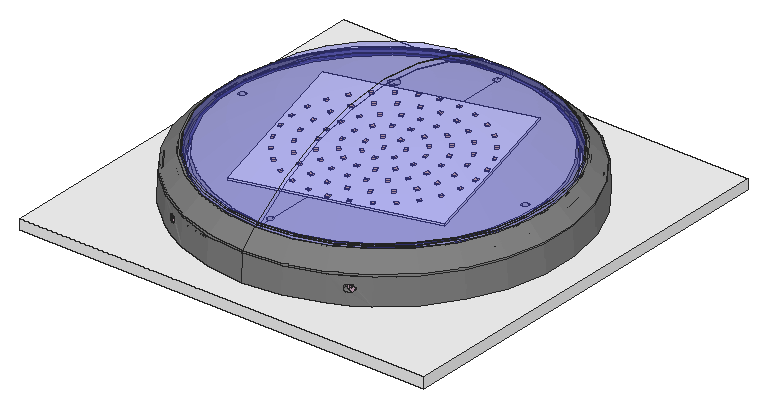
Revit family "BE_24714_de_DE", category Leuchten, Revit 2020 (continued)
Definition of nested family "BE_24714"
  Automatic sketch dimensions
    Extrusion 35 sketch curve to Extrusion 35 sketch curve = 1.003 mm  (x2)
    Extrusion 35 sketch curve to Extrusion 35 sketch curve = 2.614 mm  (x2)
    Extrusion 35 sketch curve to Extrusion 35 sketch curve = 2.987 mm
    Extrusion 35 sketch curve to Extrusion 35 sketch curve = 1.147 mm
    Extrusion 36 sketch curve to Extrusion 36 sketch curve = 1.003 mm  (x2)
    Extrusion 36 sketch curve to Extrusion 36 sketch curve = 2.614 mm  (x2)
    Extrusion 36 sketch curve to Extrusion 36 sketch curve = 2.987 mm
    Extrusion 36 sketch curve to Extrusion 36 sketch curve = 1.147 mm
    Extrusion 37 sketch curve to Extrusion 37 sketch curve = 1.003 mm  (x2)
    Extrusion 37 sketch curve to Extrusion 37 sketch curve = 2.614 mm  (x2)
    Extrusion 37 sketch curve to Extrusion 37 sketch curve = 2.987 mm
    Extrusion 37 sketch curve to Extrusion 37 sketch curve = 1.147 mm
    Extrusion 38 sketch curve to Extrusion 38 sketch curve = 1.003 mm  (x2)
    Extrusion 38 sketch curve to Extrusion 38 sketch curve = 2.614 mm  (x2)
    Extrusion 38 sketch curve to Extrusion 38 sketch curve = 2.987 mm
    Extrusion 38 sketch curve to Extrusion 38 sketch curve = 1.147 mm
    Extrusion 39 sketch curve to Extrusion 39 sketch curve = 1.003 mm  (x2)
    Extrusion 39 sketch curve to Extrusion 39 sketch curve = 2.614 mm  (x2)
    Extrusion 39 sketch curve to Extrusion 39 sketch curve = 2.987 mm
    Extrusion 39 sketch curve to Extrusion 39 sketch curve = 1.147 mm
    Extrusion 40 sketch curve to Extrusion 40 sketch curve = 1.003 mm  (x2)
    Extrusion 40 sketch curve to Extrusion 40 sketch curve = 2.614 mm  (x2)
    Extrusion 40 sketch curve to Extrusion 40 sketch curve = 2.987 mm
    Extrusion 40 sketch curve to Extrusion 40 sketch curve = 1.147 mm
    Extrusion 41 sketch curve to Extrusion 41 sketch curve = 1.003 mm  (x2)
    Extrusion 41 sketch curve to Extrusion 41 sketch curve = 2.614 mm  (x2)
    Extrusion 41 sketch curve to Extrusion 41 sketch curve = 2.987 mm
    Extrusion 41 sketch curve to Extrusion 41 sketch curve = 1.147 mm
    Extrusion 42 sketch curve to Extrusion 42 sketch curve = 1.003 mm  (x2)
    Extrusion 42 sketch curve to Extrusion 42 sketch curve = 2.614 mm  (x2)
    Extrusion 42 sketch curve to Extrusion 42 sketch curve = 2.987 mm
    Extrusion 42 sketch curve to Extrusion 42 sketch curve = 1.147 mm
    Extrusion 43 sketch curve to Extrusion 43 sketch curve = 1.003 mm  (x2)
    Extrusion 43 sketch curve to Extrusion 43 sketch curve = 2.614 mm  (x2)
    Extrusion 43 sketch curve to Extrusion 43 sketch curve = 2.987 mm
    Extrusion 43 sketch curve to Extrusion 43 sketch curve = 1.147 mm
    Extrusion 44 sketch curve to Extrusion 44 sketch curve = 1.003 mm  (x2)
    Extrusion 44 sketch curve to Extrusion 44 sketch curve = 2.614 mm  (x2)
    Extrusion 44 sketch curve to Extrusion 44 sketch curve = 2.987 mm
    Extrusion 44 sketch curve to Extrusion 44 sketch curve = 1.147 mm
    Extrusion 45 sketch curve to Extrusion 45 sketch curve = 2.8 mm
    Extrusion 45 sketch curve to Extrusion 45 sketch curve = 3.2 mm
    Extrusion 46 sketch curve to Extrusion 46 sketch curve = 2.8 mm
    Extrusion 46 sketch curve to Extrusion 46 sketch curve = 3.2 mm
    Extrusion 47 sketch curve to Extrusion 47 sketch curve = 2.8 mm
    Extrusion 47 sketch curve to Extrusion 47 sketch curve = 3.2 mm
    Extrusion 48 sketch curve to Extrusion 48 sketch curve = 2.8 mm
    Extrusion 48 sketch curve to Extrusion 48 sketch curve = 3.2 mm
    Extrusion 49 sketch curve to Extrusion 49 sketch curve = 2.8 mm
    Extrusion 49 sketch curve to Extrusion 49 sketch curve = 3.2 mm
    Extrusion 50 sketch curve to Extrusion 50 sketch curve = 2.8 mm
    Extrusion 50 sketch curve to Extrusion 50 sketch curve = 3.2 mm
    Extrusion 51 sketch curve to Extrusion 51 sketch curve = 2.8 mm
    Extrusion 51 sketch curve to Extrusion 51 sketch curve = 3.2 mm
    Extrusion 52 sketch curve to Extrusion 52 sketch curve = 2.8 mm
    Extrusion 52 sketch curve to Extrusion 52 sketch curve = 3.2 mm
    Extrusion 53 sketch curve to Extrusion 53 sketch curve = 2.8 mm
    Extrusion 53 sketch curve to Extrusion 53 sketch curve = 3.2 mm
    Extrusion 54 sketch curve to Extrusion 54 sketch curve = 2.8 mm
    Extrusion 54 sketch curve to Extrusion 54 sketch curve = 3.2 mm
    Extrusion 55 sketch curve to Extrusion 55 sketch curve = 2.8 mm
    Extrusion 55 sketch curve to Extrusion 55 sketch curve = 3.2 mm
    Extrusion 56 sketch curve to Extrusion 56 sketch curve = 2.8 mm
    Extrusion 56 sketch curve to Extrusion 56 sketch curve = 3.2 mm
    Extrusion 57 sketch curve to Extrusion 57 sketch curve = 2.8 mm
    Extrusion 57 sketch curve to Extrusion 57 sketch curve = 3.2 mm
    Extrusion 58 sketch curve to Extrusion 58 sketch curve = 2.8 mm
    Extrusion 58 sketch curve to Extrusion 58 sketch curve = 3.2 mm
    Extrusion 59 sketch curve to Extrusion 59 sketch curve = 2.8 mm
    Extrusion 59 sketch curve to Extrusion 59 sketch curve = 3.2 mm
    Extrusion 60 sketch curve to Extrusion 60 sketch curve = 2.8 mm
    Extrusion 60 sketch curve to Extrusion 60 sketch curve = 3.2 mm
    Extrusion 61 sketch curve to Extrusion 61 sketch curve = 2.8 mm
    Extrusion 61 sketch curve to Extrusion 61 sketch curve = 3.2 mm
    Extrusion 62 sketch curve to Extrusion 62 sketch curve = 2.8 mm
    Extrusion 62 sketch curve to Extrusion 62 sketch curve = 3.2 mm
    Extrusion 63 sketch curve to Extrusion 63 sketch curve = 2.8 mm
    Extrusion 63 sketch curve to Extrusion 63 sketch curve = 3.2 mm
    Extrusion 64 sketch curve to Extrusion 64 sketch curve = 2.8 mm
    Extrusion 64 sketch curve to Extrusion 64 sketch curve = 3.2 mm
    Extrusion 65 sketch curve to Extrusion 65 sketch curve = 2.8 mm
    Extrusion 65 sketch curve to Extrusion 65 sketch curve = 3.2 mm
    Extrusion 66 sketch curve to Extrusion 66 sketch curve = 2.8 mm
    Extrusion 66 sketch curve to Extrusion 66 sketch curve = 3.2 mm
    Extrusion 67 sketch curve to Extrusion 67 sketch curve = 2.8 mm
    Extrusion 67 sketch curve to Extrusion 67 sketch curve = 3.2 mm
    Extrusion 68 sketch curve to Extrusion 68 sketch curve = 2.8 mm
    Extrusion 68 sketch curve to Extrusion 68 sketch curve = 3.2 mm
    Extrusion 69 sketch curve to Extrusion 69 sketch curve = 0.293 mm  (x2)
    Extrusion 69 sketch curve to Extrusion 69 sketch curve = 2.785 mm  (x2)
    Extrusion 69 sketch curve to Extrusion 69 sketch curve = 3.182 mm
    Extrusion 69 sketch curve to Extrusion 69 sketch curve = 0.334 mm
    Extrusion 70 sketch curve to Extrusion 70 sketch curve = 0.293 mm  (x2)
    Extrusion 70 sketch curve to Extrusion 70 sketch curve = 2.785 mm  (x2)
    Extrusion 70 sketch curve to Extrusion 70 sketch curve = 3.182 mm
    Extrusion 70 sketch curve to Extrusion 70 sketch curve = 0.334 mm
    Extrusion 71 sketch curve to Extrusion 71 sketch curve = 0.293 mm  (x2)
    Extrusion 71 sketch curve to Extrusion 71 sketch curve = 2.785 mm  (x2)
    Extrusion 71 sketch curve to Extrusion 71 sketch curve = 3.182 mm
    Extrusion 71 sketch curve to Extrusion 71 sketch curve = 0.334 mm
    Extrusion 72 sketch curve to Extrusion 72 sketch curve = 0.293 mm  (x2)
    Extrusion 72 sketch curve to Extrusion 72 sketch curve = 2.785 mm  (x2)
    Extrusion 72 sketch curve to Extrusion 72 sketch curve = 3.182 mm
    Extrusion 72 sketch curve to Extrusion 72 sketch curve = 0.334 mm
    Extrusion 73 sketch curve to Extrusion 73 sketch curve = 0.293 mm  (x2)
    Extrusion 73 sketch curve to Extrusion 73 sketch curve = 2.785 mm  (x2)
    Extrusion 73 sketch curve to Extrusion 73 sketch curve = 3.182 mm
    Extrusion 73 sketch curve to Extrusion 73 sketch curve = 0.334 mm
    Extrusion 74 sketch curve to Extrusion 74 sketch curve = 0.293 mm  (x2)
    Extrusion 74 sketch curve to Extrusion 74 sketch curve = 2.785 mm  (x2)
    Extrusion 74 sketch curve to Extrusion 74 sketch curve = 3.182 mm
    Extrusion 74 sketch curve to Extrusion 74 sketch curve = 0.334 mm
    Extrusion 75 sketch curve to Extrusion 75 sketch curve = 0.293 mm  (x2)
    Extrusion 75 sketch curve to Extrusion 75 sketch curve = 2.785 mm  (x2)
    Extrusion 75 sketch curve to Extrusion 75 sketch curve = 3.182 mm
    Extrusion 75 sketch curve to Extrusion 75 sketch curve = 0.334 mm
    Extrusion 76 sketch curve to Extrusion 76 sketch curve = 0.293 mm  (x2)
    Extrusion 76 sketch curve to Extrusion 76 sketch curve = 2.785 mm  (x2)
    Extrusion 76 sketch curve to Extrusion 76 sketch curve = 3.182 mm
    Extrusion 76 sketch curve to Extrusion 76 sketch curve = 0.334 mm
    Extrusion 77 sketch curve to Extrusion 77 sketch curve = 0.293 mm  (x2)
    Extrusion 77 sketch curve to Extrusion 77 sketch curve = 2.785 mm  (x2)
    Extrusion 77 sketch curve to Extrusion 77 sketch curve = 3.182 mm
    Extrusion 77 sketch curve to Extrusion 77 sketch curve = 0.334 mm
    Extrusion 78 sketch curve to Extrusion 78 sketch curve = 0.293 mm  (x2)
    Extrusion 78 sketch curve to Extrusion 78 sketch curve = 2.785 mm  (x2)
    Extrusion 78 sketch curve to Extrusion 78 sketch curve = 3.182 mm
    Extrusion 78 sketch curve to Extrusion 78 sketch curve = 0.334 mm
    Extrusion 79 sketch curve to Extrusion 79 sketch curve = 0.293 mm  (x2)
    Extrusion 79 sketch curve to Extrusion 79 sketch curve = 2.785 mm  (x2)
    Extrusion 79 sketch curve to Extrusion 79 sketch curve = 3.182 mm
    Extrusion 79 sketch curve to Extrusion 79 sketch curve = 0.334 mm
    Extrusion 80 sketch curve to Extrusion 80 sketch curve = 0.293 mm  (x2)
    Extrusion 80 sketch curve to Extrusion 80 sketch curve = 2.785 mm  (x2)
    Extrusion 80 sketch curve to Extrusion 80 sketch curve = 3.182 mm
    Extrusion 80 sketch curve to Extrusion 80 sketch curve = 0.334 mm
    Extrusion 81 sketch curve to Extrusion 81 sketch curve = 0.293 mm  (x2)
    Extrusion 81 sketch curve to Extrusion 81 sketch curve = 2.785 mm  (x2)
    Extrusion 81 sketch curve to Extrusion 81 sketch curve = 3.182 mm
    Extrusion 81 sketch curve to Extrusion 81 sketch curve = 0.334 mm
    Extrusion 82 sketch curve to Extrusion 82 sketch curve = 0.293 mm  (x2)
    Extrusion 82 sketch curve to Extrusion 82 sketch curve = 2.785 mm  (x2)
    Extrusion 82 sketch curve to Extrusion 82 sketch curve = 3.182 mm
    Extrusion 82 sketch curve to Extrusion 82 sketch curve = 0.334 mm
    Extrusion 83 sketch curve to Extrusion 83 sketch curve = 0.293 mm  (x2)
    Extrusion 83 sketch curve to Extrusion 83 sketch curve = 2.785 mm  (x2)
    Extrusion 83 sketch curve to Extrusion 83 sketch curve = 3.182 mm
    Extrusion 83 sketch curve to Extrusion 83 sketch curve = 0.334 mm
    Extrusion 84 sketch curve to Extrusion 84 sketch curve = 0.293 mm  (x2)
    Extrusion 84 sketch curve to Extrusion 84 sketch curve = 2.785 mm  (x2)
    Extrusion 84 sketch curve to Extrusion 84 sketch curve = 3.182 mm
    Extrusion 84 sketch curve to Extrusion 84 sketch curve = 0.334 mm
    Extrusion 85 sketch curve to Extrusion 85 sketch curve = 0.293 mm  (x2)
    Extrusion 85 sketch curve to Extrusion 85 sketch curve = 2.785 mm  (x2)
    Extrusion 85 sketch curve to Extrusion 85 sketch curve = 3.182 mm
    Extrusion 85 sketch curve to Extrusion 85 sketch curve = 0.334 mm
    Extrusion 86 sketch curve to Extrusion 86 sketch curve = 0.293 mm  (x2)
    Extrusion 86 sketch curve to Extrusion 86 sketch curve = 2.785 mm  (x2)
    Extrusion 86 sketch curve to Extrusion 86 sketch curve = 3.182 mm
    Extrusion 86 sketch curve to Extrusion 86 sketch curve = 0.334 mm
    Extrusion 87 sketch curve to Extrusion 87 sketch curve = 0.293 mm  (x2)
    Extrusion 87 sketch curve to Extrusion 87 sketch curve = 2.785 mm  (x2)
    Extrusion 87 sketch curve to Extrusion 87 sketch curve = 3.182 mm
    Extrusion 87 sketch curve to Extrusion 87 sketch curve = 0.334 mm
    Extrusion 88 sketch curve to Extrusion 88 sketch curve = 0.293 mm  (x2)
    Extrusion 88 sketch curve to Extrusion 88 sketch curve = 2.785 mm  (x2)
    Extrusion 88 sketch curve to Extrusion 88 sketch curve = 3.182 mm
    Extrusion 88 sketch curve to Extrusion 88 sketch curve = 0.334 mm
    Extrusion 89 sketch curve to Extrusion 89 sketch curve = 1.308 mm  (x2)
    Extrusion 89 sketch curve to Extrusion 89 sketch curve = 2.829 mm
    Extrusion 89 sketch curve to Extrusion 89 sketch curve = 2.476 mm  (x2)
    Extrusion 89 sketch curve to Extrusion 89 sketch curve = 1.495 mm
    Extrusion 90 sketch curve to Extrusion 90 sketch curve = 1.308 mm  (x2)
    Extrusion 90 sketch curve to Extrusion 90 sketch curve = 2.829 mm
    Extrusion 90 sketch curve to Extrusion 90 sketch curve = 2.476 mm  (x2)
    Extrusion 90 sketch curve to Extrusion 90 sketch curve = 1.495 mm
    Extrusion 91 sketch curve to Extrusion 91 sketch curve = 1.308 mm  (x2)
    Extrusion 91 sketch curve to Extrusion 91 sketch curve = 2.829 mm
    Extrusion 91 sketch curve to Extrusion 91 sketch curve = 2.476 mm  (x2)
    Extrusion 91 sketch curve to Extrusion 91 sketch curve = 1.495 mm
    Extrusion 92 sketch curve to Extrusion 92 sketch curve = 1.308 mm  (x2)
    Extrusion 92 sketch curve to Extrusion 92 sketch curve = 2.829 mm
    Extrusion 92 sketch curve to Extrusion 92 sketch curve = 2.476 mm  (x2)
    Extrusion 92 sketch curve to Extrusion 92 sketch curve = 1.495 mm
    Extrusion 93 sketch curve to Extrusion 93 sketch curve = 1.308 mm  (x2)
    Extrusion 93 sketch curve to Extrusion 93 sketch curve = 2.829 mm
    Extrusion 93 sketch curve to Extrusion 93 sketch curve = 2.476 mm  (x2)
    Extrusion 93 sketch curve to Extrusion 93 sketch curve = 1.495 mm
    Extrusion 94 sketch curve to Extrusion 94 sketch curve = 1.308 mm  (x2)
    Extrusion 94 sketch curve to Extrusion 94 sketch curve = 2.829 mm
    Extrusion 94 sketch curve to Extrusion 94 sketch curve = 2.476 mm  (x2)
    Extrusion 94 sketch curve to Extrusion 94 sketch curve = 1.495 mm
    Extrusion 95 sketch curve to Extrusion 95 sketch curve = 1.308 mm  (x2)
    Extrusion 95 sketch curve to Extrusion 95 sketch curve = 2.829 mm
    Extrusion 95 sketch curve to Extrusion 95 sketch curve = 2.476 mm  (x2)
    Extrusion 95 sketch curve to Extrusion 95 sketch curve = 1.495 mm
    Extrusion 96 sketch curve to Extrusion 96 sketch curve = 1.308 mm  (x2)
    Extrusion 96 sketch curve to Extrusion 96 sketch curve = 2.829 mm
    Extrusion 96 sketch curve to Extrusion 96 sketch curve = 2.476 mm  (x2)
    Extrusion 96 sketch curve to Extrusion 96 sketch curve = 1.495 mm
    Extrusion 97 sketch curve to Extrusion 97 sketch curve = 1.308 mm  (x2)
    Extrusion 97 sketch curve to Extrusion 97 sketch curve = 2.829 mm
    Extrusion 97 sketch curve to Extrusion 97 sketch curve = 2.476 mm  (x2)
    Extrusion 97 sketch curve to Extrusion 97 sketch curve = 1.495 mm
    Extrusion 98 sketch curve to Extrusion 98 sketch curve = 1.308 mm  (x2)
    Extrusion 98 sketch curve to Extrusion 98 sketch curve = 2.829 mm
    Extrusion 98 sketch curve to Extrusion 98 sketch curve = 2.476 mm  (x2)
    Extrusion 98 sketch curve to Extrusion 98 sketch curve = 1.495 mm
    Extrusion 99 sketch curve to Extrusion 99 sketch curve = 1.308 mm  (x2)
    Extrusion 99 sketch curve to Extrusion 99 sketch curve = 2.829 mm
    Extrusion 99 sketch curve to Extrusion 99 sketch curve = 2.476 mm  (x2)
    Extrusion 99 sketch curve to Extrusion 99 sketch curve = 1.495 mm
    Extrusion 100 sketch curve to Extrusion 100 sketch curve = 1.308 mm  (x2)
    Extrusion 100 sketch curve to Extrusion 100 sketch curve = 2.829 mm
    Extrusion 100 sketch curve to Extrusion 100 sketch curve = 2.476 mm  (x2)
    Extrusion 100 sketch curve to Extrusion 100 sketch curve = 1.495 mm
    Extrusion 101 sketch curve to Extrusion 101 sketch curve = 1.308 mm  (x2)
    Extrusion 101 sketch curve to Extrusion 101 sketch curve = 2.829 mm
    Extrusion 101 sketch curve to Extrusion 101 sketch curve = 2.476 mm  (x2)
    Extrusion 101 sketch curve to Extrusion 101 sketch curve = 1.495 mm
    Extrusion 102 sketch curve to Extrusion 102 sketch curve = 1.308 mm  (x2)
    Extrusion 102 sketch curve to Extrusion 102 sketch curve = 2.829 mm
    Extrusion 102 sketch curve to Extrusion 102 sketch curve = 2.476 mm  (x2)
    Extrusion 102 sketch curve to Extrusion 102 sketch curve = 1.495 mm
    Extrusion 103 sketch curve to Extrusion 103 sketch curve = 3.144 mm
    Extrusion 103 sketch curve to Extrusion 103 sketch curve = 0.595 mm
    Extrusion 103 sketch curve to Extrusion 103 sketch curve = 2.751 mm  (x2)
    Extrusion 103 sketch curve to Extrusion 103 sketch curve = 0.521 mm  (x2)
    Extrusion 104 sketch curve to Extrusion 104 sketch curve = 3.144 mm
    Extrusion 104 sketch curve to Extrusion 104 sketch curve = 0.595 mm
    Extrusion 104 sketch curve to Extrusion 104 sketch curve = 2.751 mm  (x2)
    Extrusion 104 sketch curve to Extrusion 104 sketch curve = 0.521 mm  (x2)
    Extrusion 105 sketch curve to Extrusion 105 sketch curve = 3.144 mm
    Extrusion 105 sketch curve to Extrusion 105 sketch curve = 0.595 mm
    Extrusion 105 sketch curve to Extrusion 105 sketch curve = 2.751 mm  (x2)
    Extrusion 105 sketch curve to Extrusion 105 sketch curve = 0.521 mm  (x2)
    Extrusion 106 sketch curve to Extrusion 106 sketch curve = 3.144 mm
    Extrusion 106 sketch curve to Extrusion 106 sketch curve = 0.595 mm
    Extrusion 106 sketch curve to Extrusion 106 sketch curve = 2.751 mm  (x2)
    Extrusion 106 sketch curve to Extrusion 106 sketch curve = 0.521 mm  (x2)
    Extrusion 107 sketch curve to Extrusion 107 sketch curve = 3.144 mm
    Extrusion 107 sketch curve to Extrusion 107 sketch curve = 0.595 mm
    Extrusion 107 sketch curve to Extrusion 107 sketch curve = 2.751 mm  (x2)
    Extrusion 107 sketch curve to Extrusion 107 sketch curve = 0.521 mm  (x2)
    Extrusion 108 sketch curve to Extrusion 108 sketch curve = 3.144 mm
    Extrusion 108 sketch curve to Extrusion 108 sketch curve = 0.595 mm
    Extrusion 108 sketch curve to Extrusion 108 sketch curve = 2.751 mm  (x2)
    Extrusion 108 sketch curve to Extrusion 108 sketch curve = 0.521 mm  (x2)
    Extrusion 109 sketch curve to Extrusion 109 sketch curve = 3.144 mm
    Extrusion 109 sketch curve to Extrusion 109 sketch curve = 0.595 mm
    Extrusion 109 sketch curve to Extrusion 109 sketch curve = 2.751 mm  (x2)
    Extrusion 109 sketch curve to Extrusion 109 sketch curve = 0.521 mm  (x2)
    plane 3 "Mitte (Links/Rechts)" to Extrusion 110 sketch curve = 0.938 mm
    Extrusion 110 sketch curve to plane 1 "Mitte (Oben/Unten)" = 1.908 mm
    Extrusion 110 sketch curve to plane 3 "Mitte (Links/Rechts)" = 1.766 mm
    plane 3 "Mitte (Links/Rechts)" to Extrusion 110 sketch curve = 1.766 mm
    Extrusion 110 sketch curve to plane 1 "Mitte (Oben/Unten)" = 1.183 mm
    plane 1 "Mitte (Oben/Unten)" to Extrusion 110 sketch curve = 1.183 mm
    Extrusion 110 sketch curve to plane 3 "Mitte (Links/Rechts)" = 0.938 mm
    plane 1 "Mitte (Oben/Unten)" to Extrusion 110 sketch curve = 1.908 mm
    radius of Extrusion 11 sketch curve = 4 mm
    radius of Extrusion 12 sketch curve = 4 mm
Types (4, lengths in mm): name | built-in parameter 1150104 | built-in parameter 1150134 | Modell | M_G | M_A | built-in parameter 1150105 | Lumens | Leuchtenlichtstrom | Lampenlichtstrom | LED_Modulbezeichnung | Farbtemperatur | Datei für fotometrisches Netz | Bestellnummer | built-in parameter 1150106 | built-in parameter 1150107
  BEGA_24714_Grafit_K4 | 13.969 (stored number, unit not read) | 12 | "24714K4" | yes | no | 332.63 (stored number, unit not read) | 4180.01 lm | "2788 lm" | "4180 lm" | "LED-0993/840" | "4000 K" | "BE_24714K4.IES" | "24714K4" | 3.3263 (stored number, unit not read) | 4000 (stored number, unit not read)
  BEGA_24714_Grafit_K3 | 13.284 (stored number, unit not read) | (empty or 0) | "24714K3" | yes | no | 316.33 (stored number, unit not read) | 3975.12 lm | "2651 lm" | "3975 lm" | "LED-0993/830" | "3000 K" | "BE_24714K3.IES" | "24714K3" | 3.1633 (stored number, unit not read) | 3000 (stored number, unit not read)
  BEGA_24714_Silber_K3 | 13.284 (stored number, unit not read) | (empty or 0) | "24714AK3" | no | yes | 316.33 (stored number, unit not read) | 3975.12 lm | "2651 lm" | "3975 lm" | "LED-0993/830" | "3000 K" | "BE_24714K3.IES" | "24714AK3" | 3.1633 (stored number, unit not read) | 3000 (stored number, unit not read)
  BEGA_24714_Silber_K4 | 13.969 (stored number, unit not read) | 12 | "24714AK4" | no | yes | 332.63 (stored number, unit not read) | 4180.01 lm | "2788 lm" | "4180 lm" | "LED-0993/840" | "4000 K" | "BE_24714K4.IES" | "24714AK4" | 3.3263 (stored number, unit not read) | 4000 (stored number, unit not read)
